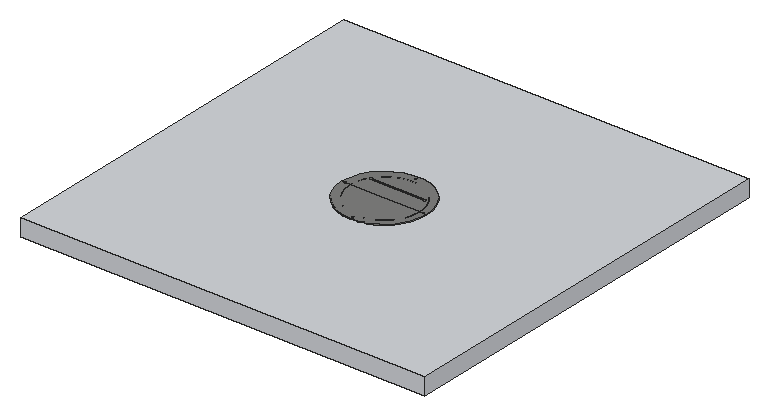
Revit family
Parameters (values of type "15"")
  hole CD = C / 30  # 0.61667"
  URL = "WWW.MIFAB.COM"
  Roof Drain = Roof Drain
  Pipe Radius = 7.500"
  Pipe Diameter = Pipe Radius * 2  # 15.000"
  Model = "R1960-3-84F"
  Manufacturer = "MIFAB"
  Hinj W = A / 1.25  # 13.304"
  Hinj H1 = A / 4.15  # 4.00723"
  Description = "FABRICATED STAINLESS STEEL DOWNSPOUT WITH HINGED COVER"
  Default Elevation = 48.000"
  C = 18.500"
  B = 20.130"
  A = 16.630"
Types (8): name | hole CD | Pipe Radius | Pipe Diameter | Hinj W | Hinj H1 | C | B | A
  (no name) | 0.61667" | 7.500" | 15.000" | 13.304" | 4.00723" | 18.500" | 20.130" | 16.630"
  3" | 0.200" | 1.500" | 3.000" | 3.400" | 1.0241" | 6.000" | 7.750" | 4.250"
  4" | 0.200" | 2.000" | 4.000" | 4.200" | 1.26506" | 6.000" | 8.750" | 5.250"
  6" | 0.300" | 3.000" | 6.000" | 5.904" | 1.77831" | 9.000" | 10.880" | 7.380"
  8" | 0.375" | 4.000" | 8.000" | 7.504" | 2.26024" | 11.250" | 12.880" | 9.380"
  10" | 0.450" | 5.000" | 10.000" | 9.200" | 2.77108" | 13.500" | 15.000" | 11.500"
  12" | 0.51667" | 6.000" | 12.000" | 10.800" | 3.25301" | 15.500" | 17.000" | 13.500"
  15" | 0.61667" | 7.500" | 15.000" | 13.304" | 4.00723" | 18.500" | 20.130" | 16.630"
Reference planes (in)
  plane 1 "Center (Front/Back)": y = 0
  plane 2: z = 0
  plane 3 "Center (Left/Right)": x = 0
  plane 4: z = -4.00327
  plane 5: x = 8.315
  plane 6: x = -8.315
  plane 7: x = 10.065
  plane 8: x = -10.065
  plane 9: x = 9.25
  plane 10: x = -9.25
  plane 11: z = 0
  plane 12: z = -2.4
  plane 13: z = 0
  plane 14: z = 0.1
  plane 15: y = 4.00723
  plane 16: x = -6.652
  plane 17: x = 6.652
  plane 18: x = 7.5
  plane 19: x = -7.5
Forms (in)
  Extrusion 1, solid
    sketch origin (0, 0, 0) x (1, 0, 0) y (0, 1, 0)
      loop
        line (-48, 48) -> (-48, -48) -> (48, -48) -> (48, 48) -> (-48, 48)
    from 0 to -4
  Revolve 2, solid, material "Roof Drain" <- "Roof Drain"
    sketch origin (0, 0, -2.4) x (1, 0, 0) y (0, 0, 1)
      loop
        line (10.065, 2.5) -> (0, 2.5) -> (0, 2.4) -> (8.175, 2.4) -> (8.175, 0) -> (8.315, 0) -> (8.315, 2.4) -> (10.065, 2.4) -> (10.065, 2.5)
      axis (0, 0) -> (0, 2.5)
    angle from 0 to 360
  Extrusion 3, solid, material "Roof Drain" <- "Roof Drain"
    sketch origin (0, 0, 0) x (0, 1, 0) y (0, 0, 1)
      loop
        circle (4.00723, 0.1) r 0.1
    from -6.652 to 6.652
  Extrusion 4, void
    sketch origin (0, 0, 0) x (1, 0, 0) y (0, 1, 0)
      loop
        circle (-9.25, 0) r 0.165
      loop
        circle (9.25, 0) r 0.165
      loop
        circle (0, -9.25) r 0.165
      loop
        circle (0, 9.25) r 0.165
    from 0 to 0.1
Cuts and joins
  Extrusion 4 cuts Revolve 2
  Extrusion 4 cuts Extrusion 3
  joined: Revolve 2, Extrusion 3
Dimensions and locks (in)
  equal spacing: plane 6, plane 3 "Center (Left/Right)", plane 5
  "A": plane 6 to plane 5
  equal spacing: plane 8, plane 3 "Center (Left/Right)", plane 7
  "B": plane 8 to plane 7
  equal spacing: plane 10, plane 3 "Center (Left/Right)", plane 9
  "C": plane 10 to plane 9
  cut or joined group of Revolve 2, Extrusion 3, Extrusion 4 to plane 12 = 2.500"
  locked: plane 14 to level at 0.1
  plane 15 to plane 1 "Center (Front/Back)" = 4.00723"
  equal spacing: plane 16, plane 3 "Center (Left/Right)", plane 17
  "Hinj W": plane 16 to plane 17
  "Hinj H1": plane 1 "Center (Front/Back)" to plane 15
  equal spacing: Extrusion 4 sketch curve, plane 1 "Center (Front/Back)", Extrusion 4 sketch curve
  "C": Extrusion 4 sketch curve to Extrusion 4 sketch curve
  equal spacing: plane 19, plane 3 "Center (Left/Right)", plane 18
  "Pipe Diameter": plane 19 to plane 18
  aligned and locked: plane 2 to Extrusion 1
  aligned and locked: level to Extrusion 1
  aligned and locked: Revolve 2 sketch curve to plane 13  (x2)
  aligned and locked: Revolve 2 to plane 12
  aligned and locked: Revolve 2 to plane 14
  aligned and locked: plane 14 to Extrusion 3 sketch curve
  aligned and locked: plane 15 to Extrusion 3 sketch curve
  aligned: plane 10 to Extrusion 3
  aligned: plane 9 to Extrusion 3
  aligned and locked: cut or joined group of Revolve 2, Extrusion 3, Extrusion 4 to plane 16
  aligned and locked: plane 17 to cut or joined group of Revolve 2, Extrusion 3, Extrusion 4
  aligned and locked: plane 10 to Extrusion 4 sketch curve
  aligned and locked: plane 1 "Center (Front/Back)" to Extrusion 4 sketch curve  (x2)
  aligned and locked: plane 3 "Center (Left/Right)" to Extrusion 4 sketch curve  (x2)
  aligned and locked: plane 9 to Extrusion 4 sketch curve
  aligned and locked: Revolve 2 to Extrusion 4
Automatic sketch dimensions
  Extrusion 1 sketch curve to Extrusion 1 sketch curve = 96.000"  (x2)
  Revolve 2 sketch curve to plane 3 "Center (Left/Right)" = 0.000"  (x2)
  Revolve 2 sketch curve to plane 12 = 0.000"
  Revolve 2 sketch curve to plane 5 = 0.000"
  Revolve 2 sketch curve to plane 7 = 0.000"
  Revolve 2 sketch curve to plane 14 = 0.000"
  Revolve 2 sketch curve to plane 5 = 0.140"
  Revolve 2 sketch curve to Revolve 2 sketch curve = 4.750"
  Revolve 2 sketch curve to Revolve 2 sketch curve = 1.500"
  radius of Extrusion 3 sketch curve = 0.100"
  radius of Extrusion 4 sketch curve = 0.165"  (x4)
Connectors (in)
  piping at (0, 0, -2.4), driven by "Pipe Radius"
    settings: on cut or joined group of Revolve 2, Extrusion 3, Extrusion 4, index 1, connector radius 7 1/2", flow factor 0, pipe flow 0 GPM, pressure drop 0.00 psi, fitting loss kfactor 0, connector angle 0.00°, fixture units 0, flow configuration 0, flow direction 2, fitting loss method 0, system type 16, connector reference index -1, connector utility 0, adjustable connector no, is connector primary yes, fitting loss table "", connector description ""
